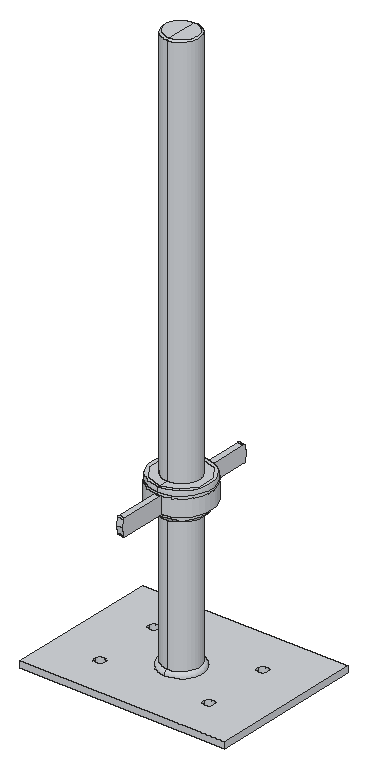
Revit family "Post-Head", category Structural Stiffeners, Revit 2020 (continued)
Definition of nested family "Screw"
  Lines and regions (mm)
    detail lines, in view "Ref. Level"
      curve 725: line (101.722, 162.529, 0) -> (98.522, 163.356, 0)
      curve 726: line (101.722, 159.729, 0) -> (98.522, 158.901, 0)
      curve 727: line (98.522, 158.901, 0) -> (98.522, 156.101, 0)
      curve 728: line (98.522, 156.101, 0) -> (101.722, 155.274, 0)
      curve 729: line (101.722, 155.274, 0) -> (101.722, 153.774, 0)
      curve 730: line (101.722, 153.774, 0) -> (98.522, 152.946, 0)
      curve 731: line (98.522, 152.946, 0) -> (98.522, 150.146, 0)
      curve 732: line (98.522, 150.146, 0) -> (101.722, 149.319, 0)
      curve 733: line (101.722, 149.319, 0) -> (101.722, 146.519, 0)
      curve 734: line (101.722, 146.519, 0) -> (98.522, 145.691, 0)
      curve 735: line (98.522, 145.691, 0) -> (98.522, 142.891, 0)
      curve 736: line (98.522, 142.891, 0) -> (101.722, 142.063, 0)
      curve 737: line (101.722, 142.063, 0) -> (101.722, 138.774, 0)
      curve 738: line (101.722, 138.774, 0) -> (98.522, 137.946, 0)
      curve 739: line (98.522, 137.946, 0) -> (98.522, 135.146, 0)
      curve 740: line (98.522, 135.146, 0) -> (101.722, 134.319, 0)
      curve 741: line (101.722, 134.319, 0) -> (129.322, 137.319, 0)
      curve 742: line (101.513, 20.65, 0) -> (101.575, 17.951, 0)
      curve 743: line (129.322, 145.063, 0) -> (129.322, 141.774, 0)
      curve 744: line (129.322, 141.774, 0) -> (132.522, 140.946, 0)
      curve 745: line (132.522, 140.946, 0) -> (132.522, 138.146, 0)
      curve 746: line (132.522, 138.146, 0) -> (129.322, 137.319, 0)
      curve 747: line (129.322, 137.319, 0) -> (129.322, 134.519, 0)
      curve 748: line (132.313, 19.102, 0) -> (129.322, 19.102, 0)
      curve 749: line (129.322, 19.102, 0) -> (98.313, 15.83, 0)
      curve 750: line (129.322, 141.774, 0) -> (101.722, 138.774, 0)
      curve 751: line (132.313, 13.028, 0) -> (130.522, 11.028, 0)
      curve 752: line (130.522, 11.028, 0) -> (100.294, 11.028, 0)
      curve 753: line (100.294, 11.028, 0) -> (98.294, 13.028, 0)
      curve 754: line (98.294, 13.028, 0) -> (132.313, 13.028, 0)
      curve 755: line (132.313, 13.028, 0) -> (132.313, 19.028, 0)
      curve 756: line (98.522, 142.891, 0) -> (98.522, 145.691, 0)
      curve 757: line (101.722, 149.319, 0) -> (129.322, 152.319, 0)
      curve 758: line (129.322, 152.319, 0) -> (129.322, 149.519, 0)
      curve 759: line (129.322, 149.519, 0) -> (132.522, 148.691, 0)
      curve 760: line (132.522, 148.691, 0) -> (132.522, 145.891, 0)
      curve 761: line (132.522, 145.891, 0) -> (129.322, 145.063, 0)
      curve 762: line (129.322, 145.063, 0) -> (101.722, 142.063, 0)
      curve 763: line (129.322, 149.519, 0) -> (101.722, 146.519, 0)
      curve 764: line (129.322, 112.753, 0) -> (101.722, 109.753, 0)
      curve 765: line (129.322, 120.008, 0) -> (101.722, 117.008, 0)
      curve 766: line (129.322, 122.808, 0) -> (101.722, 119.808, 0)
      curve 767: line (129.322, 127.263, 0) -> (101.722, 124.263, 0)
      curve 768: line (129.322, 130.063, 0) -> (101.722, 127.063, 0)
      curve 769: line (129.322, 115.553, 0) -> (101.722, 112.553, 0)
      curve 770: line (98.522, 120.636, 0) -> (98.522, 123.436, 0)
      curve 771: line (98.522, 113.381, 0) -> (98.522, 116.181, 0)
      curve 772: line (98.522, 135.107, 0) -> (101.722, 134.279, 0)
      curve 773: line (101.722, 134.279, 0) -> (101.722, 131.519, 0)
      curve 774: line (101.722, 131.519, 0) -> (129.322, 134.519, 0)
      curve 775: line (129.322, 134.519, 0) -> (132.522, 133.691, 0)
      curve 776: line (132.522, 133.691, 0) -> (132.522, 130.891, 0)
      curve 777: line (132.522, 130.891, 0) -> (129.322, 130.063, 0)
      curve 778: line (129.322, 130.063, 0) -> (129.322, 127.263, 0)
      curve 779: line (129.322, 127.263, 0) -> (132.522, 126.436, 0)
      curve 780: line (132.522, 126.436, 0) -> (132.522, 123.636, 0)
      curve 781: line (132.522, 123.636, 0) -> (129.322, 122.808, 0)
      curve 782: line (129.322, 122.808, 0) -> (129.322, 120.008, 0)
      curve 783: line (129.322, 120.008, 0) -> (132.522, 119.181, 0)
      curve 784: line (132.522, 119.181, 0) -> (132.522, 116.381, 0)
      curve 785: line (132.522, 116.381, 0) -> (129.322, 115.553, 0)
      curve 786: line (129.322, 115.553, 0) -> (129.322, 112.753, 0)
      curve 787: line (129.322, 112.753, 0) -> (132.522, 111.926, 0)
      curve 788: line (132.522, 111.926, 0) -> (132.522, 109.126, 0)
      curve 789: line (132.522, 109.126, 0) -> (129.322, 108.298, 0)
      curve 790: line (129.322, 108.298, 0) -> (129.322, 106.798, 0)
      curve 791: line (129.322, 106.798, 0) -> (101.722, 103.798, 0)
      curve 792: line (101.722, 103.798, 0) -> (98.522, 102.97, 0)
      curve 793: line (98.522, 102.97, 0) -> (98.522, 100.17, 0)
      curve 794: line (98.522, 100.17, 0) -> (101.722, 99.343, 0)
      curve 795: line (101.722, 99.343, 0) -> (101.722, 96.543, 0)
      curve 796: line (101.722, 96.543, 0) -> (98.522, 95.715, 0)
      curve 797: line (98.522, 95.715, 0) -> (98.522, 92.915, 0)
      curve 798: line (98.522, 92.915, 0) -> (101.722, 92.088, 0)
      curve 799: line (101.722, 92.088, 0) -> (101.722, 89.288, 0)
      curve 800: line (101.722, 89.288, 0) -> (98.522, 88.46, 0)
      curve 801: line (98.522, 88.46, 0) -> (98.522, 85.66, 0)
      curve 802: line (98.522, 85.66, 0) -> (98.522, 88.46, 0)
      curve 803: line (129.322, 92.288, 0) -> (101.722, 89.288, 0)
      curve 804: line (129.322, 95.088, 0) -> (101.722, 92.088, 0)
      curve 805: line (129.322, 99.543, 0) -> (101.722, 96.543, 0)
      curve 806: line (129.322, 102.343, 0) -> (101.722, 99.343, 0)
      curve 807: line (101.722, 133.019, 0) -> (101.722, 131.519, 0)
      curve 808: line (101.722, 131.519, 0) -> (98.522, 130.691, 0)
      curve 809: line (98.522, 130.691, 0) -> (98.522, 127.891, 0)
      curve 810: line (98.522, 127.891, 0) -> (101.722, 127.063, 0)
      curve 811: line (101.722, 127.063, 0) -> (101.722, 124.263, 0)
      curve 812: line (101.722, 124.263, 0) -> (98.522, 123.436, 0)
      curve 813: line (98.522, 123.436, 0) -> (98.522, 120.636, 0)
      curve 814: line (98.522, 120.636, 0) -> (101.722, 119.808, 0)
      curve 815: line (101.722, 119.808, 0) -> (101.722, 117.008, 0)
      curve 816: line (101.722, 117.008, 0) -> (98.522, 116.181, 0)
      curve 817: line (98.522, 116.181, 0) -> (98.522, 113.381, 0)
      curve 818: line (98.522, 113.381, 0) -> (101.722, 112.553, 0)
      curve 819: line (101.722, 112.553, 0) -> (101.722, 109.753, 0)
      curve 820: line (101.722, 109.753, 0) -> (98.522, 108.926, 0)
      curve 821: line (98.522, 108.926, 0) -> (98.522, 106.126, 0)
      curve 822: line (98.522, 106.126, 0) -> (101.722, 105.298, 0)
      curve 823: line (101.722, 105.298, 0) -> (101.722, 103.798, 0)
      curve 824: line (101.722, 103.798, 0) -> (101.722, 105.298, 0)
      curve 825: line (101.722, 105.298, 0) -> (129.322, 108.298, 0)
      curve 826: line (129.322, 108.298, 0) -> (129.322, 106.798, 0)
      curve 827: line (129.322, 106.798, 0) -> (132.522, 105.97, 0)
      curve 828: line (132.522, 105.97, 0) -> (132.522, 103.17, 0)
      curve 829: line (132.522, 103.17, 0) -> (129.322, 102.343, 0)
      curve 830: line (129.322, 102.343, 0) -> (129.322, 99.543, 0)
      curve 831: line (129.322, 99.543, 0) -> (132.522, 98.715, 0)
      curve 832: line (132.522, 98.715, 0) -> (132.522, 95.915, 0)
      curve 833: line (132.522, 95.915, 0) -> (129.322, 95.088, 0)
      curve 834: line (129.322, 95.088, 0) -> (129.322, 92.288, 0)
      curve 835: line (129.322, 92.288, 0) -> (132.522, 91.46, 0)
      curve 836: line (132.522, 91.46, 0) -> (132.522, 88.66, 0)
      curve 837: line (132.522, 88.66, 0) -> (129.322, 87.832, 0)
      curve 838: line (129.322, 87.832, 0) -> (129.322, 85.032, 0)
      curve 839: line (129.322, 85.032, 0) -> (132.522, 84.205, 0)
      curve 840: line (132.522, 84.205, 0) -> (132.522, 81.405, 0)
      curve 841: line (132.522, 81.405, 0) -> (129.322, 80.577, 0)
      curve 842: line (129.322, 80.577, 0) -> (129.322, 79.077, 0)
      curve 843: line (129.322, 79.077, 0) -> (132.522, 78.25, 0)
      curve 844: line (132.522, 78.25, 0) -> (132.522, 75.45, 0)
      curve 845: line (132.522, 75.45, 0) -> (129.322, 74.622, 0)
      curve 846: line (129.322, 74.622, 0) -> (132.522, 75.45, 0)
      curve 847: line (98.522, 92.915, 0) -> (98.522, 95.715, 0)
      curve 848: line (129.322, 80.577, 0) -> (129.322, 79.077, 0)
      curve 849: line (129.322, 79.077, 0) -> (101.722, 76.077, 0)
      curve 850: line (101.722, 76.077, 0) -> (101.722, 77.577, 0)
      curve 851: line (101.722, 77.577, 0) -> (129.322, 80.577, 0)
      curve 852: line (101.722, 76.077, 0) -> (98.522, 75.25, 0)
      curve 853: line (98.522, 75.25, 0) -> (98.522, 72.45, 0)
      curve 854: line (98.522, 72.45, 0) -> (98.522, 75.25, 0)
      curve 855: line (129.322, 85.032, 0) -> (101.722, 82.032, 0)
      curve 856: line (101.722, 82.032, 0) -> (101.722, 84.832, 0)
      curve 857: line (129.322, 87.832, 0) -> (101.722, 84.832, 0)
      curve 858: line (101.722, 84.832, 0) -> (98.522, 85.66, 0)
      curve 859: line (101.722, 82.032, 0) -> (98.522, 81.205, 0)
      curve 860: line (98.522, 81.205, 0) -> (98.522, 78.405, 0)
      curve 861: line (98.522, 78.405, 0) -> (101.722, 77.577, 0)
      curve 862: line (101.722, 77.577, 0) -> (101.722, 76.077, 0)
      curve 863: line (101.722, 76.077, 0) -> (98.522, 75.25, 0)
      curve 864: line (98.522, 75.25, 0) -> (98.522, 72.45, 0)
      curve 865: line (98.522, 72.45, 0) -> (101.722, 71.622, 0)
      curve 866: line (101.722, 71.622, 0) -> (101.722, 68.822, 0)
      curve 867: line (101.722, 68.822, 0) -> (98.522, 67.995, 0)
      curve 868: line (98.522, 67.995, 0) -> (98.522, 65.195, 0)
      curve 869: line (98.522, 65.195, 0) -> (101.722, 64.367, 0)
      curve 870: line (101.722, 64.367, 0) -> (101.722, 61.077, 0)
      curve 871: line (101.722, 61.077, 0) -> (98.522, 60.25, 0)
      curve 872: line (98.522, 60.25, 0) -> (98.522, 57.45, 0)
      curve 873: line (98.522, 57.45, 0) -> (101.722, 56.622, 0)
      curve 874: line (101.722, 56.622, 0) -> (129.322, 59.622, 0)
      curve 875: line (129.322, 67.367, 0) -> (129.322, 64.077, 0)
      curve 876: line (129.322, 64.077, 0) -> (132.522, 63.25, 0)
      curve 877: line (132.522, 63.25, 0) -> (132.522, 60.45, 0)
      curve 878: line (132.522, 60.45, 0) -> (129.322, 59.622, 0)
      curve 879: line (129.322, 59.622, 0) -> (129.322, 56.822, 0)
      curve 880: line (129.322, 64.077, 0) -> (101.722, 61.077, 0)
      curve 881: line (98.522, 65.195, 0) -> (98.522, 67.995, 0)
      curve 882: line (101.722, 71.622, 0) -> (129.322, 74.622, 0)
      curve 883: line (129.322, 74.622, 0) -> (129.322, 71.822, 0)
      curve 884: line (129.322, 71.822, 0) -> (132.522, 70.995, 0)
      curve 885: line (132.522, 70.995, 0) -> (132.522, 68.195, 0)
      curve 886: line (132.522, 68.195, 0) -> (129.322, 67.367, 0)
      curve 887: line (129.322, 67.367, 0) -> (101.722, 64.367, 0)
      curve 888: line (129.322, 71.822, 0) -> (101.722, 68.822, 0)
      curve 889: line (129.322, 52.367, 0) -> (129.322, 50.867, 0)
      curve 890: line (129.322, 50.867, 0) -> (101.722, 47.867, 0)
      curve 891: line (101.722, 47.867, 0) -> (101.722, 49.367, 0)
      curve 892: line (101.722, 49.367, 0) -> (129.322, 52.367, 0)
      curve 893: line (101.722, 47.867, 0) -> (98.522, 47.039, 0)
      curve 894: line (98.522, 47.039, 0) -> (98.522, 44.239, 0)
      curve 895: line (98.522, 44.239, 0) -> (98.522, 47.039, 0)
      curve 896: line (132.522, 47.239, 0) -> (129.322, 46.412, 0)
      curve 897: line (129.322, 46.412, 0) -> (132.522, 47.239, 0)
      curve 898: line (132.522, 47.239, 0) -> (132.522, 50.039, 0)
      curve 899: line (132.522, 50.039, 0) -> (129.322, 50.867, 0)
      curve 900: line (129.322, 50.867, 0) -> (129.322, 52.367, 0)
      curve 901: line (129.322, 52.367, 0) -> (132.522, 53.195, 0)
      curve 902: line (132.522, 53.195, 0) -> (132.522, 55.995, 0)
      curve 903: line (132.522, 55.995, 0) -> (129.322, 56.822, 0)
      curve 904: line (129.322, 56.822, 0) -> (101.722, 53.822, 0)
      curve 905: line (101.722, 53.822, 0) -> (101.722, 56.622, 0)
      curve 906: line (101.722, 53.822, 0) -> (98.522, 52.995, 0)
      curve 907: line (98.522, 52.995, 0) -> (98.522, 50.195, 0)
      curve 908: line (98.522, 50.195, 0) -> (101.722, 49.367, 0)
      curve 909: line (101.722, 49.367, 0) -> (101.722, 47.867, 0)
      curve 910: line (101.722, 47.867, 0) -> (98.522, 47.039, 0)
      curve 911: line (98.522, 47.039, 0) -> (98.522, 44.239, 0)
      curve 912: line (98.522, 44.239, 0) -> (101.722, 43.412, 0)
      curve 913: line (101.722, 43.412, 0) -> (101.722, 40.612, 0)
      curve 914: line (101.722, 40.612, 0) -> (98.522, 39.784, 0)
      curve 915: line (98.522, 39.784, 0) -> (98.522, 36.984, 0)
      curve 916: line (98.522, 36.984, 0) -> (101.722, 36.157, 0)
      curve 917: line (101.722, 36.157, 0) -> (101.722, 32.867, 0)
      curve 918: line (101.722, 32.867, 0) -> (98.522, 32.039, 0)
      curve 919: line (98.522, 32.039, 0) -> (98.522, 29.239, 0)
      curve 920: line (98.522, 29.239, 0) -> (101.722, 28.412, 0)
      curve 921: line (101.722, 28.412, 0) -> (129.322, 31.412, 0)
      curve 922: line (129.322, 39.157, 0) -> (129.322, 35.867, 0)
      curve 923: line (129.322, 35.867, 0) -> (132.522, 35.039, 0)
      curve 924: line (132.522, 35.039, 0) -> (132.522, 32.239, 0)
      curve 925: line (132.522, 32.239, 0) -> (129.322, 31.412, 0)
      curve 926: line (129.322, 35.867, 0) -> (101.722, 32.867, 0)
      curve 927: line (98.522, 36.984, 0) -> (98.522, 39.784, 0)
      curve 928: line (101.722, 43.412, 0) -> (129.322, 46.412, 0)
      curve 929: line (129.322, 46.412, 0) -> (129.322, 43.612, 0)
      curve 930: line (129.322, 43.612, 0) -> (132.522, 42.784, 0)
      curve 931: line (132.522, 42.784, 0) -> (132.522, 39.984, 0)
      curve 932: line (132.522, 39.984, 0) -> (129.322, 39.157, 0)
      curve 933: line (129.322, 39.157, 0) -> (101.722, 36.157, 0)
      curve 934: line (129.322, 43.612, 0) -> (101.722, 40.612, 0)
      curve 935: line (98.313, 29.223, 0) -> (101.513, 28.395, 0)
      curve 936: line (101.513, 28.395, 0) -> (101.513, 25.105, 0)
      curve 937: line (101.513, 25.105, 0) -> (98.313, 24.278, 0)
      curve 938: line (98.313, 24.278, 0) -> (98.313, 21.478, 0)
      curve 939: line (98.313, 21.478, 0) -> (101.513, 20.65, 0)
      curve 940: line (101.513, 20.65, 0) -> (129.113, 23.65, 0)
      curve 941: line (129.113, 31.389, 0) -> (129.113, 28.105, 0)
      curve 942: line (129.113, 28.105, 0) -> (132.313, 27.278, 0)
      curve 943: line (132.313, 27.278, 0) -> (132.313, 24.478, 0)
      curve 944: line (132.313, 24.478, 0) -> (129.113, 23.65, 0)
      curve 945: line (129.113, 23.65, 0) -> (129.175, 20.93, 0)
      curve 946: line (129.113, 28.105, 0) -> (101.513, 25.105, 0)
      curve 947: line (98.313, 13.028, 0) -> (98.313, 17.119, 0)
      curve 948: line (98.313, 17.119, 0) -> (101.513, 17.946, 0)
      curve 949: line (101.513, 17.946, 0) -> (129.113, 20.946, 0)
      curve 950: line (129.175, 20.93, 0) -> (132.313, 20.119, 0)
      curve 951: line (132.313, 20.119, 0) -> (132.313, 17.319, 0)
